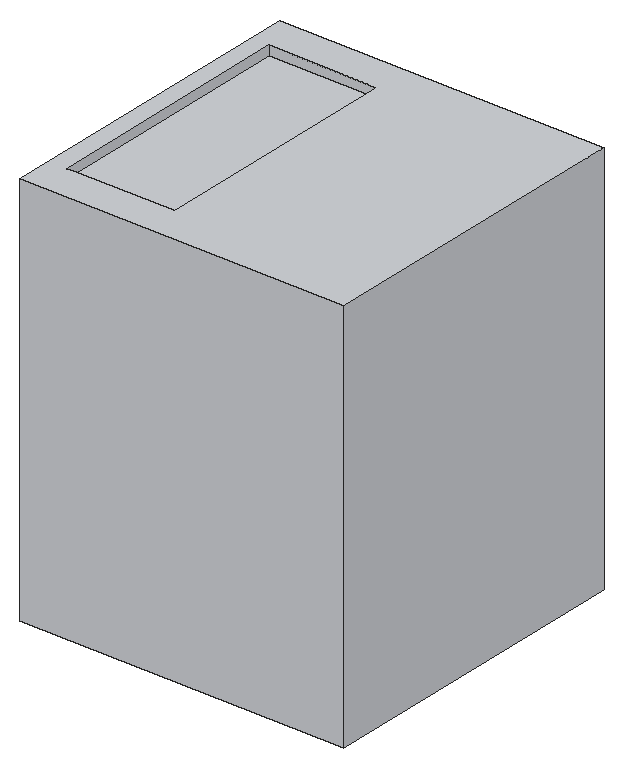
Revit family "M_Caixa de mistura AHU da cobertura", category Equipamento mecânico, Revit 2019
Family settings
  Cota do conector redondo = Utilizar diâmetro
  Tipo de parte = Normal
  Número OmniClass = 23.75.35.14
  Título OmniClass = Air Handling Units
  ID de item do Seek = Rooftop AHU Mixing Box-0000-CAN-ENU
  Com base no plano de trabalho = Não
  Sempre na vertical = Sim
  Corte com vazios quando carregada = Não
  Compartilhado = Não
  Ponto de cálculo do ambiente = Não
Parameters (values of type "Filtro - 700 L/s")
  Largura da unidade = Largura do duto 1  # 900 mm
  Comprimento da unidade = 900 mm
  Altura da unidade = Altura do duto 1  # 1100 mm
  Forma da peça = "Duto retangular"
  Modelo = "Tamanho do exterior 03"
  Largura do duto 2 = 700 mm
  Largura do duto 1 = 900 mm
  Altura do duto 2 = 300 mm
  Altura do duto 1 = 1100 mm
  Pressão do ar [instance] = 17.4 Pa
  Fluxo de ar [instance] = 700.0 L/s
Types (20, lengths in mm): name | Largura da unidade | Comprimento da unidade | Altura da unidade | Modelo | Largura do duto 2 | Largura do duto 1 | Altura do duto 2 | Altura do duto 1 | Fluxo de ar
  Filtro - 700 L/s | 900 | 900 | 1100 | "Tamanho do exterior 03" | 700 | 900 | 300 | 1100 | 700.0 L/s
  Filtro - 1400 L/s | 1300 | 900 | 1100 | "Tamanho do exterior 06" | 1100 | 1300 | 400 | 1100 | 1400.0 L/s
  Filtro - 1900 L/s | 1500 | 900 | 1200 | "Tamanho do exterior 08" | 1300 | 1500 | 400 | 1200 | 1900.0 L/s
  Filtro - 2300 L/s | 1800 | 900 | 1200 | "Tamanho do exterior 10" | 1600 | 1800 | 400 | 1200 | 2300.0 L/s
  Filtro - 2800 L/s | 1800 | 900 | 1400 | "Tamanho do exterior 12" | 1600 | 1800 | 400 | 1400 | 2800.0 L/s
  Filtro - 3300 L/s | 1900 | 900 | 1400 | "Tamanho do exterior 14" | 1700 | 1900 | 500 | 1400 | 3300.0 L/s
  Filtro - 4000 L/s | 2100 | 900 | 1400 | "Tamanho do exterior 17" | 1900 | 2100 | 500 | 1400 | 4000.0 L/s
  Filtro - 4950 L/s | 2100 | 900 | 1700 | "Tamanho do exterior 21" | 1900 | 2100 | 600 | 1700 | 4950.0 L/s
  Filtro - 5900 L/s | 2300 | 900 | 1700 | "Tamanho do exterior 25" | 2100 | 2300 | 600 | 1700 | 5900.0 L/s
  Filtro - 7100 L/s | 2700 | 900 | 1700 | "Tamanho do exterior 30" | 2500 | 2700 | 600 | 1700 | 7100.0 L/s
  4,950 L/s | 21000 | 700 | 1700 | "Tamanho do exterior 21" | 1900 | 21000 | 600 | 1700 | 4950.0 L/s
  1,400 L/s | 1200 | 500 | 1100 | "Tamanho do exterior 06" | 1100 | 1200 | 400 | 1100 | 1400.0 L/s
  1,900 L/s | 1400 | 500 | 1200 | "Tamanho do exterior 08" | 1300 | 1400 | 400 | 1200 | 1900.0 L/s
  2,300 L/s | 1800 | 500 | 1200 | "Tamanho do exterior 10" | 1600 | 1800 | 400 | 1200 | 2300.0 L/s
  2,800 L/s | 1800 | 500 | 1400 | "Tamanho do exterior 12" | 1600 | 1800 | 400 | 1400 | 2800.0 L/s
  3,300 L/s | 1900 | 600 | 1400 | "Tamanho do exterior 14" | 1700 | 1900 | 500 | 1400 | 3300.0 L/s
  4,000 L/s | 2100 | 600 | 1400 | "Tamanho do exterior 17" | 1900 | 2100 | 500 | 1400 | 4000.0 L/s
  5,900 L/s | 2300 | 700 | 1700 | "Tamanho do exterior 25" | 2100 | 2300 | 600 | 1700 | 5900.0 L/s
  7,100 L/s | 2700 | 700 | 1700 | "Tamanho do exterior 30" | 2500 | 2700 | 600 | 1700 | 7100.0 L/s
  700 L/s | 900 | 500 | 1100 | "Tamanho do exterior 03" | 700 | 900 | 300 | 1100 | 700.0 L/s
Reference planes
  plane 1 "Centro (Frente/Trás)": y = 0
  plane 2: z = 0
  plane 3 "Centro (Esquerda/Direita)": x = 0
  plane 4: x = -900
  plane 5: y = 900
  plane 6: z = 1100
  plane 7: y = 450
  plane 8: z = 1074.6
  plane 9: z = 25.4
  plane 10: x = -874.6
Forms (mm)
  Extrusion 1, solid
    sketch origin (0, 0, 0) x (1, 0, 0) y (0, 1, 0)
      loop
        line (-900, 900) -> (-900, 0) -> (0, 0) -> (0, 900) -> (-900, 900)
    from 0 to 1100
  Extrusion 2, void
    sketch origin (0, 0, 0) x (1, 0, 0) y (0, 1, 0)
      loop
        line (-849.2, 800) -> (-849.2, 100) -> (-549.2, 100) -> (-549.2, 800) -> (-849.2, 800)
    from 0 to 25.4
  Extrusion 3, void
    sketch origin (0, 0, 0) x (1, 0, 0) y (0, 1, 0)
      loop
        line (-849.2, 800) -> (-849.2, 100) -> (-549.2, 100) -> (-549.2, 800) -> (-849.2, 800)
    from 1074.6 to 1100
  Extrusion 4, void
    sketch origin (0, 0, 0) x (0, 1, 0) y (0, 0, 1)
      loop
        line (800, 1049.2) -> (100, 1049.2) -> (100, 749.2) -> (800, 749.2) -> (800, 1049.2)
    from -900 to -874.6
  Extrusion 5, void
    sketch origin (0, 0, 0) x (0, 1, 0) y (0, 0, 1)
      loop
        line (800, 427) -> (100, 427) -> (100, 127) -> (800, 127) -> (800, 427)
    from -900 to -874.6
Cuts and joins
  Extrusion 2, Extrusion 3, Extrusion 4, Extrusion 5 cuts Extrusion 1
Dimensions and locks
  "Largura da unidade": plane 5 to plane 1 "Centro (Frente/Trás)"
  "Comprimento da unidade": plane 4 to plane 3 "Centro (Esquerda/Direita)"
  "Altura da unidade": plane 6 to plane 2
  equal spacing: plane 5, plane 7, plane 1 "Centro (Frente/Trás)"
  locked: plane 4 to Extrusion 2 sketch curve at 50.8
  "Altura do duto 2": Extrusion 2 sketch curve to Extrusion 2 sketch curve
  equal spacing: Extrusion 2 sketch curve, plane 7, Extrusion 2 sketch curve
  "Largura do duto 2": Extrusion 2 sketch curve to Extrusion 2 sketch curve
  locked: plane 4 to Extrusion 3 sketch curve at 50.8
  "Altura do duto 2": Extrusion 3 sketch curve to Extrusion 3 sketch curve
  equal spacing: Extrusion 3 sketch curve, plane 7, Extrusion 3 sketch curve
  "Largura do duto 2": Extrusion 3 sketch curve to Extrusion 3 sketch curve
  locked: plane 10 to plane 4 at 25.4
  locked: plane 6 to plane 8 at 25.4
  locked: plane 9 to plane 2 at 25.4
  locked: Extrusion 4 sketch curve to plane 6 at 50.8
  "Altura do duto 2": Extrusion 4 sketch curve to Extrusion 4 sketch curve
  equal spacing: Extrusion 4 sketch curve, plane 7, Extrusion 4 sketch curve
  "Largura do duto 2": Extrusion 4 sketch curve to Extrusion 4 sketch curve
  locked: Extrusion 5 sketch curve to plane 2 at 127
  "Altura do duto 2": Extrusion 5 sketch curve to Extrusion 5 sketch curve
  equal spacing: Extrusion 5 sketch curve, plane 7, Extrusion 5 sketch curve
  "Largura do duto 2": Extrusion 5 sketch curve to Extrusion 5 sketch curve
  aligned and locked: plane 4 to Extrusion 1 sketch curve
  aligned and locked: Extrusion 1 sketch curve to plane 5
  aligned and locked: plane 1 "Centro (Frente/Trás)" to Extrusion 1 sketch curve
  aligned and locked: Extrusion 1 sketch curve to plane 3 "Centro (Esquerda/Direita)"
  aligned and locked: Extrusion 1 to plane 2
  aligned and locked: plane 6 to Extrusion 1
  aligned and locked: plane 6 to Extrusion 3
  aligned and locked: Extrusion 3 to plane 8
  aligned and locked: Extrusion 2 to plane 2
  aligned and locked: plane 9 to Extrusion 2
  aligned and locked: Extrusion 4 to plane 4
  aligned and locked: plane 10 to Extrusion 4
  aligned and locked: Extrusion 5 to plane 4
  aligned and locked: plane 10 to Extrusion 5
Connectors
  hvac at (0, 450, 550), driven by "Pressão do ar", driven by "Fluxo de ar", driven by "Altura do duto 1", driven by "Largura do duto 1"
    settings: on cut or joined group of Extrusion 1, Extrusion 2, Extrusion 3, Extrusion 4, Extrusion 5, index 1, duct flow 700.0 L/s, flow factor 0, pres drop 17.4 Pa, loss coef 0, conn angle 0.00°, conn width 900 mm, conn height 1100 mm, conn diameter 609.6 mm, duct sys type 1, conn prof type 1, flow config 0, flow direction 2, loss method 4, conn ref index -1, conn util no, is conn primary yes, conn desc ""
  hvac at (-699.2, 450, 1074.6), driven by "Altura do duto 2", driven by "Largura do duto 2"
    settings: on cut or joined group of Extrusion 1, Extrusion 2, Extrusion 3, Extrusion 4, Extrusion 5, index 2, duct flow 0.0 L/s, flow factor 0, pres drop 0.0 Pa, loss coef 0, conn angle 0.00°, conn width 700 mm, conn height 300 mm, conn diameter 609.6 mm, duct sys type 29, conn prof type 1, flow config 0, flow direction 1, loss method 4, conn ref index -1, conn util no, is conn primary no, conn desc ""
  hvac at (-874.6, 450, 899.2), driven by "Altura do duto 2", driven by "Largura do duto 2"
    settings: on cut or joined group of Extrusion 1, Extrusion 2, Extrusion 3, Extrusion 4, Extrusion 5, index 3, duct flow 0.0 L/s, flow factor 0, pres drop 0.0 Pa, loss coef 0, conn angle 0.00°, conn width 700 mm, conn height 300 mm, conn diameter 609.6 mm, duct sys type 29, conn prof type 1, flow config 0, flow direction 1, loss method 4, conn ref index -1, conn util no, is conn primary no, conn desc ""
  hvac at (-874.6, 450, 277), driven by "Altura do duto 2", driven by "Largura do duto 2"
    settings: on cut or joined group of Extrusion 1, Extrusion 2, Extrusion 3, Extrusion 4, Extrusion 5, index 4, duct flow 0.0 L/s, flow factor 0, pres drop 0.0 Pa, loss coef 0, conn angle 0.00°, conn width 700 mm, conn height 300 mm, conn diameter 609.6 mm, duct sys type 29, conn prof type 1, flow config 0, flow direction 1, loss method 4, conn ref index -1, conn util no, is conn primary no, conn desc ""
  hvac at (-699.2, 450, 25.4), driven by "Altura do duto 2", driven by "Largura do duto 2"
    settings: on cut or joined group of Extrusion 1, Extrusion 2, Extrusion 3, Extrusion 4, Extrusion 5, index 5, duct flow 0.0 L/s, flow factor 0, pres drop 0.0 Pa, loss coef 0, conn angle 0.00°, conn width 700 mm, conn height 300 mm, conn diameter 609.6 mm, duct sys type 29, conn prof type 1, flow config 0, flow direction 1, loss method 4, conn ref index -1, conn util no, is conn primary no, conn desc ""
